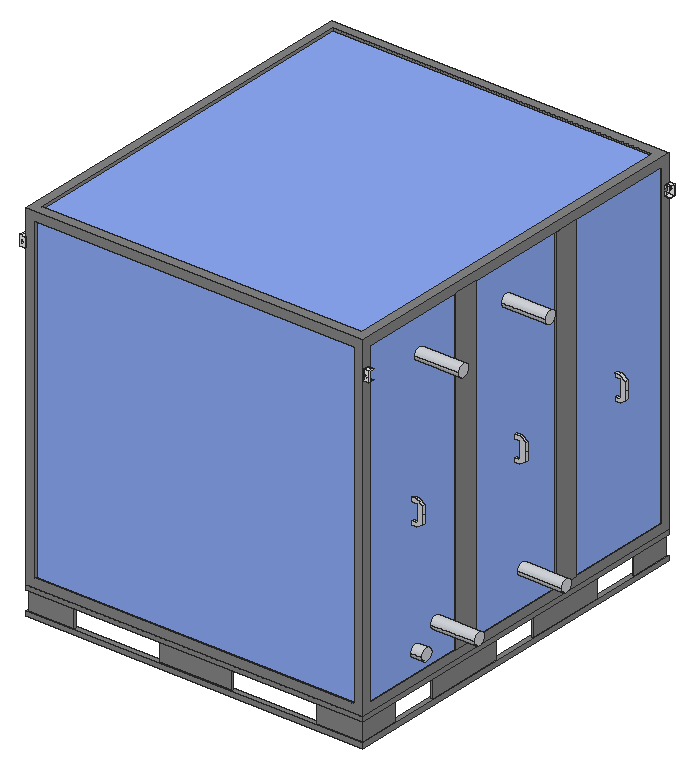
Revit family "29. Секция фильтрования, водяного нагр. и водяным охл. ANR T3", category Оборудование, Revit 2016
Family settings
  Тип детали = Нормальный
  Размер круглого соединителя = Использовать диаметр
  На основе рабочей плоскости = Нет
  Всегда вертикально = Да
  При загрузке вырезать с полостями = Нет
  Общий = Нет
  Точка расчета площади = Нет
Parameters (values of type "ANR 12 T3")
  Ширина = А - 75 mm  # 1360 mm
  Синий = Синий
  Середина = h + Б1 / 2  # 837.5 mm
  И = 115 mm
  Во = 1060 mm
  Д3 = Д1 / 6  # 267.5 mm
  Д2 = Д1 / 3  # 535 mm
  Д1 = Д - 20 mm  # 1605 mm
  Д = 1625 mm  # constant formula
  ножки(да/нет) [instance] = no
  Г = 85 mm
  Высота = Б - 75 mm  # 1360 mm
  Вн = 1060 mm
  Б1 = Б - 20 mm  # 1415 mm
  А1 = А - 20 mm  # 1415 mm
  А = 1435 mm
  высота ножек = 120 mm
  Б = 1435 mm
  Частотный преобразователь [instance] = no
  Частота вращения n, об/мин = ""
  Тип, марка, обозначение = "ANR 12 T3"
  Сила тока J, А = ""
  Регулятор расхода [instance] = no
  Раздел = "ОВ"
  Примечание = ""
  Позиция = ""
  Напряжение U,В = ""
  Наименование и тех.хар-ка = "Секция фильтрования EU4, водяного нагрева вместе с водяным охлаждением"  # constant formula
  Мощность двигателя N,Вт = ""
  Материал = Сталь серая
  Масса единицы = ""
  Код, оборудования = ""
  Ключевая пометка = "Вентиляция"
  Задание электрикам [instance] = no
  Задание автоматчикам [instance] = no
  Завод изготовитель = "KORF"  # constant formula
  Единица измерения = "шт."  # constant formula
  h = высота ножек + 10 mm  # 130 mm
  d = 50.8 mm
Types (10, lengths in mm): name | Ширина | Середина | И | Во | Г | Высота | Вн | Б1 | А1 | А | Б | Тип, марка, обозначение | d
  ANR 6 T3 | 1025 | 670 | 135 | 728 | 85 | 1025 | 735 | 1080 | 1080 | 1100 | 1100 | "ANR 6 T3" | 31.8
  ANR 7 T3 | 1025 | 780 | 115 | 985 | 85 | 1245 | 985 | 1300 | 1080 | 1100 | 1320 | "ANR 7 T3" | 38.1
  ANR 8 T3 | 1245 | 780 | 115 | 985 | 85 | 1245 | 985 | 1300 | 1300 | 1320 | 1320 | "ANR 8 T3" | 38.1
  ANR 12 T3 | 1360 | 837.5 | 115 | 1060 | 85 | 1360 | 1060 | 1415 | 1415 | 1435 | 1435 | "ANR 12 T3" | 50.8
  ANR 20 T3 | 1585 | 950 | 115 | 1305 | 85 | 1585 | 1355 | 1640 | 1640 | 1660 | 1660 | "ANR 20 T3" | 50.8
  ANR 25 T3 | 1970 | 1142.5 | 115 | 1690 | 85 | 1970 | 1740 | 2025 | 2025 | 2045 | 2045 | "ANR 25 T3" | 63.5
  ANR 30 T3 | 2410 | 1142.5 | 115 | 1685 | 100 | 1970 | 1685 | 2025 | 2465 | 2485 | 2045 | "ANR 30 T3" | 63.5
  ANR 35 T3 | 2410 | 1362.5 | 115 | 2125 | 125 | 2410 | 2125 | 2465 | 2465 | 2485 | 2485 | "ANR 35 T3" | 76.2
  ANR 40 T3 | 3245 | 1780 | 115 | 1305 | 100 | 3245 | 1355 | 3300 | 3300 | 3320 | 3320 | "ANR 40 T3" | 101.6
  ANR 45 T3 | 3245 | 2165 | 115 | 1690 | 125 | 4015 | 1740 | 4070 | 3300 | 3320 | 4090 | "ANR 45 T3" | 101.6
Reference planes
  plane 1 "По центру (Вперед/Назад)": y = 0
  plane 2: z = 0
  plane 3 "По центру (Влево/Вправо)": x = 0
  plane 4: x = -707.5
  plane 5: x = 707.5
  plane 6: y = 802.5
  plane 7: y = -802.5
  plane 8: z = 1545
  plane 9: z = 130
  plane 10: z = 837.5
  plane 11: z = 1445
  plane 12: x = 574.5
  plane 13: x = 757.5
  plane 14: z = 1555
  plane 15: z = 1367.5
  plane 16: z = 307.5
  plane 17: x = 897.5
  plane 18: y = -505
  plane 19: y = -420
  plane 20: y = -267.5
  plane 21: y = 267.5
  plane 22: y = -215.5
  plane 23: y = -319.474
  plane 24: y = 215.5
  plane 25: y = 319.5
  plane 26: y = 535
  plane 27: y = -535
  plane 28: x = 717.5
  plane 29: y = 635
  plane 30: y = 435
  plane 31: y = -100
  plane 32: y = 100
  plane 33: y = -635
  plane 34: y = -435
  plane 35: z = 1367.5
  plane 36: z = 307.5
  plane 37: y = -42.5
  plane 38: y = 42.5
  plane 39: y = -462.5
  plane 40: z = 120
  plane 41: z = 245
  plane 42: y = -525
Forms (mm)
  Extrusion 1, solid, material "Синий" <- "Синий", detail levels fine
    sketch origin (0, 0, 50) x (1, 0, 0) y (0, 1, 0)
      loop
        line (-707.5, 802.5) -> (-707.5, -802.5) -> (707.5, -802.5) -> (707.5, 802.5) -> (-707.5, 802.5)
    from 80 to 1495
  Sweep 2, solid, material "Сталь серая" <- "Материал", detail levels fine
    path origin (707.5, -802.5, 50) x (-1, 0, 0) y (0, 0, -1)
      loop
        line (0, -1495) -> (1415, -1495) -> (1415, -80) -> (0, -80) -> (0, -1495)
    profile "Профиль уголок 10х10 : Профиль уголок 10х10" origin (0, -802.5, 1545) x (0, 0, -1) y (0, -1, 0)
      loop
        line (0, -27.5) -> (0, 0) -> (27.5, 0) -> (27.5, 10) -> (-10, 10) -> (-10, -27.5) -> (0, -27.5)
  Sweep 3, solid, material "Сталь серая" <- "Материал", detail levels fine
    path origin (-707.5, 802.5, 50) x (1, 0, 0) y (0, 0, -1)
      loop
        line (0, -1495) -> (1415, -1495) -> (1415, -80) -> (0, -80) -> (0, -1495)
    profile "Профиль уголок 10х10 : Профиль уголок 10х10" origin (0, 802.5, 1545) x (0, 0, -1) y (0, 1, 0)
      loop
        line (0, -27.5) -> (0, 0) -> (27.5, 0) -> (27.5, 10) -> (-10, 10) -> (-10, -27.5) -> (0, -27.5)
  Sweep 4, solid, material "Сталь серая" <- "Материал", detail levels fine
    path origin (707.5, 802.5, 50) x (0, -1, 0) y (0, 0, -1)
      loop
        line (0, -1495) -> (1605, -1495) -> (1605, -80) -> (0, -80) -> (0, -1495)
    profile "Профиль уголок 10х10 : Профиль уголок 10х10" origin (707.5, 0, 1545) x (0, 0, -1) y (1, 0, 0)
      loop
        line (0, -27.5) -> (0, 0) -> (27.5, 0) -> (27.5, 10) -> (-10, 10) -> (-10, -27.5) -> (0, -27.5)
  Sweep 5, solid, material "Сталь серая" <- "Материал", detail levels fine
    path origin (-707.5, -802.5, 50) x (0, 1, 0) y (0, 0, -1)
      loop
        line (0, -1495) -> (1605, -1495) -> (1605, -80) -> (0, -80) -> (0, -1495)
    profile "Профиль уголок 10х10 : Профиль уголок 10х10" origin (-707.5, 0, 1545) x (0, 0, -1) y (-1, 0, 0)
      loop
        line (0, -27.5) -> (0, 0) -> (27.5, 0) -> (27.5, 10) -> (-10, 10) -> (-10, -27.5) -> (0, -27.5)
  Extrusion 6, void, not visible
    sketch origin (-345, -245, 50) x (0, -1, 0) y (0, 0, -1)
      loop
        line (-477.965, -475) -> (-477.965, -450) -> (-528.913, -450) -> (-528.913, -475) -> (-477.965, -475)
    from -47.452 to 12
  Sweep 7, solid, material "Сталь серая" <- "Материал", detail levels fine
    path origin (0, 0, 0) x (1, 0, 0) y (0, 1, 0)
      loop
        line (-707.5, 802.5) -> (-707.5, -802.5) -> (707.5, -802.5) -> (707.5, 802.5) -> (-707.5, 802.5)
    profile "Семейство1 : Семейство1" origin (0, 802.5, 0) x (0, 1, 0) y (0, 0, 1)
      loop
        line (-10, 120) -> (-10, 100) -> (-3.38, 100) -> (-3.38, 20) -> (-10, 20) -> (-10, 0) -> (10, 0) -> (10, 20) -> (3.38, 20) -> (3.38, 100) -> (10, 100) -> (10, 120) -> (-10, 120)
  Extrusion 8, void
    sketch origin (0, 0, 0) x (1, 0, 0) y (0, 0, 1)
      loop
        line (152.369, 100) -> (152.369, 20) -> (516.298, 20) -> (516.298, 100) -> (152.369, 100)
      loop
        line (-152.369, 100) -> (-516.298, 100) -> (-516.298, 20) -> (-152.369, 20) -> (-152.369, 100)
    from -812.5 to 812.5
  Extrusion 9, solid, material "Сталь серая" <- "Материал", detail levels fine
    sketch origin (560, -260, 0) x (0, 1, 0) y (0, 0, 1)
      loop
        line (-59.474, 1517.5) -> (-59.474, 157.5) -> (44.5, 157.5) -> (44.5, 1517.5) -> (-59.474, 1517.5)
    from 157.5 to 147.5
  Extrusion 10, solid, detail levels fine
    sketch origin (0, 0, 0) x (0, 1, 0) y (0, 0, 1)
      loop
        circle (-505, 1367.5) r 25.4
    from 707.5 to 897.5
  Extrusion 11, solid, detail levels fine
    sketch origin (0, 0, 0) x (0, 1, 0) y (0, 0, 1)
      loop
        circle (-420, 307.5) r 25.4
    from 707.5 to 897.5
  Extrusion 12, solid, material "Сталь серая" <- "Материал", detail levels fine
    sketch origin (560, 262.3, -4.8) x (0, 1, 0) y (0, 0, 1)
      loop
        line (-46.8, 1522.3) -> (-46.8, 162.3) -> (57.2, 162.3) -> (57.2, 1522.3) -> (-46.8, 1522.3)
    from 157.5 to 147.5
  Extrusion 13, void
    sketch origin (0, 0, 0) x (0, 1, 0) y (0, 0, 1)
      loop
        line (-635, 100) -> (-635, 20) -> (-435, 20) -> (-435, 100) -> (-635, 100)
      loop
        line (-100, 100) -> (-100, 20) -> (100, 20) -> (100, 100) -> (-100, 100)
      loop
        line (435, 100) -> (435, 20) -> (635, 20) -> (635, 100) -> (435, 100)
    from -1931.613 to 1786.181
  Extrusion 14, solid, detail levels fine
    sketch origin (0, 0, 0) x (0, 1, 0) y (0, 0, 1)
      loop
        circle (-42.5, 1367.5) r 25.4
    from 897.5 to 707.5
  Extrusion 15, solid, detail levels fine
    sketch origin (0, 0, 0) x (0, 1, 0) y (0, 0, 1)
      loop
        circle (42.5, 307.5) r 25.4
    from 707.5 to 897.5
  Extrusion 16, solid, detail levels fine
    sketch origin (0, 0, 0) x (0, 1, 0) y (0, 0, 1)
      loop
        circle (-525, 245) r 25.4
    from 707.5 to 757.5
  Extrusion 17, solid, detail levels coarse
    sketch origin (0, 0, 0) x (1, 0, 0) y (0, 1, 0)
      loop
        line (483.338, -268.703) -> (539.581, -268.703) -> (562.993, -266.243) -> (579.316, -258.631) -> (589.943, -244.529) -> (594.177, -224.612) -> (592.69, -212.508) -> (587.9, -201.748) -> (580.104, -193.388) -> (569.634, -187.821) -> (584.728, -174.7) -> (589.573, -157.804) -> (583.726, -138.678) -> (576.808, -130.996) -> (567.204, -125.225) -> (540.324, -120.967) -> (483.338, -120.967) -> (483.338, -268.703)
      loop
        line (501.891, -250.25) -> (552.16, -250.25) -> (565.217, -245.238) -> (573.213, -237.242) -> (575.828, -224.938) -> (572.199, -210.384) -> (560.841, -201.825) -> (538.193, -199.445) -> (501.891, -199.445) -> (501.891, -250.25)
      loop
        line (501.891, -180.959) -> (535.988, -180.959) -> (555.271, -179.399) -> (567.051, -172.598) -> (571.248, -160.408) -> (567.409, -148.593) -> (556.738, -141.395) -> (534.066, -139.412) -> (501.891, -139.412) -> (501.891, -180.959)
    from 0 to 2
  Extrusion 18, solid, detail levels coarse
    sketch origin (0, -460, 0) x (1, 0, 0) y (0, 1, 0)
      loop
        line (483.338, -268.703) -> (539.581, -268.703) -> (562.993, -266.243) -> (579.316, -258.631) -> (589.943, -244.529) -> (594.177, -224.612) -> (592.69, -212.508) -> (587.9, -201.748) -> (580.104, -193.388) -> (569.634, -187.821) -> (584.728, -174.7) -> (589.573, -157.804) -> (583.726, -138.678) -> (576.808, -130.996) -> (567.204, -125.225) -> (540.324, -120.967) -> (483.338, -120.967) -> (483.338, -268.703)
      loop
        line (501.891, -250.25) -> (552.16, -250.25) -> (565.217, -245.238) -> (573.213, -237.242) -> (575.828, -224.938) -> (572.199, -210.384) -> (560.841, -201.825) -> (538.193, -199.445) -> (501.891, -199.445) -> (501.891, -250.25)
      loop
        line (501.891, -180.959) -> (535.988, -180.959) -> (555.271, -179.399) -> (567.051, -172.598) -> (571.248, -160.408) -> (567.409, -148.593) -> (556.738, -141.395) -> (534.066, -139.412) -> (501.891, -139.412) -> (501.891, -180.959)
    from 0 to 2
Cuts and joins
  joined: Sweep 2, Sweep 3, Sweep 4, Sweep 5
  Extrusion 8, Extrusion 13 cuts Sweep 7
Lines and regions (mm)
  model lines, detail levels coarse
    curve 1: line (-717.5, 812.5, 0) -> (717.5, 812.5, 0)
    curve 2: line (-717.5, -812.5, 0) -> (-717.5, 812.5, 0)
    curve 3: line (717.5, -812.5, 0) -> (-717.5, -812.5, 0)
    curve 4: line (717.5, 812.5, 0) -> (717.5, -812.5, 0)
    curve 5: line (717.5, -319.474, 0) -> (-717.5, -319.474, 0)
    curve 6: line (717.5, 215.5, 0) -> (-717.5, 215.5, 0)
    curve 7: circle (0, -535, 0) r 110 normal (0, 0, 1)
    curve 8: line (-110, -535, 0) -> (110, -535, 0)
    curve 9: circle (0, -42.5, 0) r 130 normal (0, 0, 1)
    curve 10: line (0, 87.5, 0) -> (0, -172.5, 0)
    curve 11: line (-130, -42.5, 0) -> (130, -42.5, 0)
    curve 12: line (-472.198, 579.141, 0) -> (-452.198, 579.141, 0)
    curve 13: line (-452.198, 579.141, 0) -> (-399.14, 381.126, 0)
    curve 14: line (-399.14, 381.126, 0) -> (-339.14, 381.126, 0)
    curve 15: line (-286.082, 579.141, 0) -> (-339.14, 381.126, 0)
    curve 16: line (-286.082, 579.141, 0) -> (-266.082, 579.141, 0)
    curve 17: line (-266.082, 579.141, 0) -> (-213.024, 381.126, 0)
    curve 18: line (-213.024, 381.126, 0) -> (-153.024, 381.126, 0)
    curve 19: line (-99.967, 579.141, 0) -> (-153.024, 381.126, 0)
    curve 20: line (-99.967, 579.141, 0) -> (-79.967, 579.141, 0)
    curve 21: line (-79.967, 579.141, 0) -> (-26.909, 381.126, 0)
    curve 22: line (-26.909, 381.126, 0) -> (33.091, 381.126, 0)
    curve 23: line (86.149, 579.141, 0) -> (33.091, 381.126, 0)
    curve 24: line (86.149, 579.141, 0) -> (106.149, 579.141, 0)
    curve 25: line (106.149, 579.141, 0) -> (159.207, 381.126, 0)
    curve 26: line (159.207, 381.126, 0) -> (219.207, 381.126, 0)
    curve 27: line (272.265, 579.141, 0) -> (219.207, 381.126, 0)
    curve 28: line (272.265, 579.141, 0) -> (292.265, 579.141, 0)
    curve 29: line (292.265, 579.141, 0) -> (345.323, 381.126, 0)
    curve 30: line (345.323, 381.126, 0) -> (405.323, 381.126, 0)
    curve 31: line (458.381, 579.141, 0) -> (405.323, 381.126, 0)
  model lines, not visible, detail levels coarse
    curve 32: line (-472.198, 579.141, 0) -> (-452.198, 579.141, 0)
    curve 33: line (-452.198, 579.141, 0) -> (-399.14, 381.126, 0)
    curve 34: line (-399.14, 381.126, 0) -> (-339.14, 381.126, 0)
    curve 35: line (-286.082, 579.141, 0) -> (-339.14, 381.126, 0)
    curve 36: line (-286.082, 579.141, 0) -> (-266.082, 579.141, 0)
    curve 37: line (-266.082, 579.141, 0) -> (-213.024, 381.126, 0)
    curve 38: line (-213.024, 381.126, 0) -> (-153.024, 381.126, 0)
    curve 39: line (-99.967, 579.141, 0) -> (-153.024, 381.126, 0)
    curve 40: line (-99.967, 579.141, 0) -> (-79.967, 579.141, 0)
    curve 41: line (-79.967, 579.141, 0) -> (-26.909, 381.126, 0)
    curve 42: line (-26.909, 381.126, 0) -> (33.091, 381.126, 0)
    curve 43: line (86.149, 579.141, 0) -> (33.091, 381.126, 0)
    curve 44: line (86.149, 579.141, 0) -> (106.149, 579.141, 0)
    curve 45: line (106.149, 579.141, 0) -> (159.207, 381.126, 0)
    curve 46: line (159.207, 381.126, 0) -> (219.207, 381.126, 0)
    curve 47: line (272.265, 579.141, 0) -> (219.207, 381.126, 0)
    curve 48: line (272.265, 579.141, 0) -> (292.265, 579.141, 0)
    curve 49: line (292.265, 579.141, 0) -> (345.323, 381.126, 0)
    curve 50: line (345.323, 381.126, 0) -> (405.323, 381.126, 0)
    curve 51: line (458.381, 579.141, 0) -> (405.323, 381.126, 0)
  model lines, detail levels medium
    curve 52: line (0, -812.5, 1555) -> (0, 812.5, 1555)
    curve 53: line (0, -812.5, 0) -> (0, -812.5, 1555)
    curve 54: line (0, 812.5, 0) -> (0, -812.5, 0)
    curve 55: line (0, 812.5, 1555) -> (0, 812.5, 0)
    curve 56: line (0, -267.5, 1555) -> (0, -267.5, 0)
    curve 57: line (0, 267.5, 1555) -> (0, 267.5, 0)
    curve 58: circle (0, -462.5, 837.5) r 110 normal (1, 0, 0)
    curve 59: circle (0, 0, 837.5) r 150 normal (1, 0, 0)
    curve 60: line (0, 0, 987.5) -> (0, 0, 687.5)
    curve 61: line (0, -150, 837.5) -> (0, 150, 837.5)
    curve 62: line (0, -572.5, 837.5) -> (0, -352.5, 837.5)
    curve 63: line (0, 634.994, 1269.522) -> (0, 634.994, 1249.522)
    curve 64: line (0, 634.994, 1249.522) -> (0, 437.085, 1165.514)
    curve 65: line (0, 437.085, 1165.514) -> (0, 437.085, 1095.514)
    curve 66: line (0, 634.994, 1011.507) -> (0, 437.085, 1095.514)
    curve 67: line (0, 634.994, 1011.507) -> (0, 634.994, 991.507)
    curve 68: line (0, 634.994, 991.507) -> (0, 437.085, 907.5)
    curve 69: line (0, 437.085, 907.5) -> (0, 437.085, 837.5)
    curve 70: line (0, 634.994, 753.493) -> (0, 437.085, 837.5)
    curve 71: line (0, 634.994, 753.493) -> (0, 634.994, 733.493)
    curve 72: line (0, 634.994, 733.493) -> (0, 437.085, 649.486)
    curve 73: line (0, 437.085, 649.486) -> (0, 437.085, 579.486)
    curve 74: line (0, 634.994, 495.478) -> (0, 437.085, 579.486)
    curve 75: line (0, 634.994, 495.478) -> (0, 634.994, 475.478)
    curve 76: line (0, 634.994, 475.478) -> (0, 437.085, 391.471)
    curve 77: line (0, 437.085, 391.471) -> (0, 437.085, 321.471)
    curve 78: line (0, 634.994, 237.464) -> (0, 437.085, 321.471)
  model lines, not visible, detail levels medium
    curve 79: line (0, 703.789, 1143.232) -> (0, 703.789, 1123.232)
    curve 80: line (0, 703.789, 1123.232) -> (0, 505.88, 1039.225)
    curve 81: line (0, 505.88, 1039.225) -> (0, 505.88, 969.225)
    curve 82: line (0, 703.789, 885.217) -> (0, 505.88, 969.225)
    curve 83: line (0, 703.789, 885.217) -> (0, 703.789, 865.217)
    curve 84: line (0, 703.789, 865.217) -> (0, 505.88, 781.21)
    curve 85: line (0, 505.88, 781.21) -> (0, 505.88, 711.21)
    curve 86: line (0, 703.789, 627.203) -> (0, 505.88, 711.21)
    curve 87: line (0, 703.789, 627.203) -> (0, 703.789, 607.203)
    curve 88: line (0, 703.789, 607.203) -> (0, 505.88, 523.196)
    curve 89: line (0, 505.88, 523.196) -> (0, 505.88, 453.196)
    curve 90: line (0, 703.789, 369.189) -> (0, 505.88, 453.196)
    curve 91: line (0, 703.789, 369.189) -> (0, 703.789, 349.189)
    curve 92: line (0, 703.789, 349.189) -> (0, 505.88, 265.182)
    curve 93: line (0, 505.88, 265.182) -> (0, 505.88, 195.182)
    curve 94: line (0, 703.789, 111.174) -> (0, 505.88, 195.182)
Dimensions and locks
  equal spacing: plane 6, plane 1 "По центру (Вперед/Назад)", plane 7
  "Д1": plane 6 to plane 7
  equal spacing: plane 4, plane 3 "По центру (Влево/Вправо)", plane 5
  "А1": plane 4 to plane 5
  "h": plane 9 to level
  "Б1": plane 8 to plane 9
  cut or joined group of Sweep 2, Sweep 3, Sweep 4, Sweep 5 to level = 120 mm
  locked: plane 3 "По центру (Влево/Вправо)" to cut or joined group of Sweep 7, Extrusion 8, Extrusion 13 at 152.369
  locked: cut or joined group of Sweep 7, Extrusion 8, Extrusion 13 to plane 3 "По центру (Влево/Вправо)" at 152.369
  "Середина": plane 10 to level
  Extrusion 9 sketch curve to Extrusion 9 sketch curve to plane 1 "По центру (Вперед/Назад)" = 103.974 mm, 215.5 mm
  locked: plane 8 to plane 11 at 100
  Extrusion 9 to plane 12 = 133 mm
  locked: plane 13 to plane 5 at 50
  plane 1 "По центру (Вперед/Назад)" to plane 7 = 802.5 mm
  plane 6 to plane 1 "По центру (Вперед/Назад)" = 802.5 mm
  locked: plane 14 to plane 8 at 10
  equal spacing: plane 15, plane 10, plane 16
  "Во": plane 15 to plane 16
  locked: plane 17 to plane 5 at 190
  "Д2": plane 7 to plane 20
  "Д2": plane 21 to plane 6
  plane 23 to plane 20 to plane 22 = 51.974 mm locked, 52 mm locked
  Extrusion 12 sketch curve to Extrusion 12 sketch curve = 104 mm
  plane 24 to plane 21 to plane 25 = 52 mm locked, 52 mm locked
  "Д3": plane 26 to plane 6
  "Д3": plane 7 to plane 27
  locked: plane 28 to plane 5 at 10
  equal spacing: plane 31, plane 1 "По центру (Вперед/Назад)", plane 32
  locked: plane 30 to plane 29 at 200
  locked: plane 31 to plane 32 at 200
  equal spacing: plane 30, plane 26, plane 29
  equal spacing: plane 33, plane 27, plane 34
  locked: plane 33 to plane 34 at 200
  equal spacing: plane 37, plane 1 "По центру (Вперед/Назад)", plane 38
  "Г": plane 37 to plane 38
  equal spacing: plane 35, plane 10, plane 36
  "Вн": plane 35 to plane 36
  locked: plane 27 to plane 18 at 30
  equal spacing: plane 18, plane 39, plane 19
  "Г": plane 18 to plane 19
  locked: plane 9 to plane 40 at 10
  "И": plane 41 to plane 9
  locked: plane 27 to plane 42 at 10
  "d": diameter of Extrusion 10 sketch curve
  "d": diameter of Extrusion 11 sketch curve
  "d": diameter of Extrusion 14 sketch curve
  "d": diameter of Extrusion 15 sketch curve
  "d": diameter of Extrusion 16 sketch curve
  aligned and locked: level to plane 2
  aligned and locked: Extrusion 1 to plane 6
  aligned and locked: Extrusion 1 to plane 5
  aligned and locked: Extrusion 1 to plane 7
  aligned and locked: Extrusion 1 to plane 4
  aligned and locked: plane 8 to Extrusion 1
  aligned and locked: Extrusion 1 to plane 9
  aligned and locked: Sweep 4 sketch curve to Extrusion 1  (x2)
  aligned and locked: Sweep 5 sketch curve to Extrusion 1  (x2)
  aligned and locked: Sweep 7 sketch curve to Extrusion 1  (x4)
  aligned and locked: Sweep 7 to Extrusion 8  (x2)
  aligned and locked: Extrusion 9 to cut or joined group of Sweep 2, Sweep 3, Sweep 4, Sweep 5  (x4)
  aligned and locked: nested 3 to cut or joined group of Sweep 2, Sweep 3, Sweep 4, Sweep 5  (x2)
  aligned and locked: nested 3 to plane 11
  aligned and locked: nested 4 to plane 11
  aligned and locked: cut or joined group of Sweep 2, Sweep 3, Sweep 4, Sweep 5 to nested 4  (x2)
  aligned and locked: cut or joined group of Sweep 2, Sweep 3, Sweep 4, Sweep 5 to nested 3
  aligned and locked: cut or joined group of Sweep 2, Sweep 3, Sweep 4, Sweep 5 to nested 6
  aligned and locked: nested 5 to cut or joined group of Sweep 2, Sweep 3, Sweep 4, Sweep 5
  aligned and locked: plane 11 to nested 6
  aligned and locked: plane 11 to nested 5
  aligned and locked: Extrusion 9 to Extrusion 1
  aligned and locked: nested 2 to plane 13
  aligned and locked: nested 6 to cut or joined group of Sweep 2, Sweep 3, Sweep 4, Sweep 5
  aligned and locked: cut or joined group of Sweep 2, Sweep 3, Sweep 4, Sweep 5 to nested 5
  aligned and locked: nested 2 to plane 10  (x2)
  aligned and locked: nested 7 to plane 10  (x2)
  aligned and locked: nested 7 to plane 13  (x2)
  aligned and locked: plane 17 to Extrusion 10
  aligned and locked: Extrusion 10 to plane 5
  aligned and locked: plane 17 to Extrusion 11
  aligned and locked: Extrusion 11 to plane 5
  aligned and locked: Extrusion 9 to plane 23
  aligned and locked: Extrusion 9 to plane 22
  aligned and locked: Extrusion 12 to plane 24
  aligned and locked: Extrusion 12 to plane 25
  aligned and locked: Extrusion 12 to cut or joined group of Sweep 2, Sweep 3, Sweep 4, Sweep 5  (x2)
  aligned and locked: nested 7 to plane 26
  aligned and locked: nested 2 to plane 27
  aligned and locked: plane 1 "По центру (Вперед/Назад)" to nested 8
  aligned and locked: nested 8 to plane 10
  aligned and locked: nested 8 to plane 13
  aligned and locked: plane 13 to nested 7
  aligned and locked: Extrusion 12 to Extrusion 9
  aligned and locked: Extrusion 12 to plane 5
  aligned and locked: Extrusion 9 to plane 28
  aligned and locked: Extrusion 13 to plane 33
  aligned and locked: plane 34 to Extrusion 13
  aligned and locked: Extrusion 13 to plane 31
  aligned and locked: plane 32 to Extrusion 13
  aligned and locked: Extrusion 13 to plane 30
  aligned and locked: plane 29 to Extrusion 13
  aligned and locked: Extrusion 13 to cut or joined group of Sweep 7, Extrusion 8, Extrusion 13  (x6)
  aligned and locked: plane 17 to Extrusion 15
  aligned and locked: Extrusion 16 to plane 13
  aligned and locked: Extrusion 16 to plane 5
  aligned and locked: plane 17 to Extrusion 14
  aligned and locked: Extrusion 15 to plane 5
  aligned and locked: Extrusion 14 to plane 5
  aligned and locked: curve 1 to cut or joined group of Sweep 7, Extrusion 8, Extrusion 13
  aligned and locked: curve 2 to cut or joined group of Sweep 7, Extrusion 8, Extrusion 13
  aligned and locked: curve 3 to cut or joined group of Sweep 2, Sweep 3, Sweep 4, Sweep 5
  aligned and locked: curve 4 to cut or joined group of Sweep 2, Sweep 3, Sweep 4, Sweep 5
  aligned and locked: curve 5 to Extrusion 9
  aligned and locked: curve 6 to Extrusion 12
  aligned and locked: curve 8 to plane 27
  aligned and locked: curve 10 to plane 3 "По центру (Влево/Вправо)"
  aligned and locked: curve 52 to cut or joined group of Sweep 2, Sweep 3, Sweep 4, Sweep 5
  aligned and locked: curve 53 to cut or joined group of Sweep 2, Sweep 3, Sweep 4, Sweep 5
  aligned and locked: curve 54 to cut or joined group of Sweep 7, Extrusion 8, Extrusion 13
  aligned and locked: curve 55 to cut or joined group of Sweep 7, Extrusion 8, Extrusion 13
  aligned and locked: curve 56 to plane 20
  aligned and locked: curve 57 to plane 21
  aligned and locked: plane 1 "По центру (Вперед/Назад)" to curve 60
  aligned and locked: curve 61 to plane 10
  aligned and locked: curve 62 to plane 10
  aligned and locked: plane 10 to curve 70
Automatic sketch dimensions
  Extrusion 6 sketch curve to Extrusion 6 sketch curve = 50.949 mm
  Extrusion 6 sketch curve to Extrusion 6 sketch curve = 25 mm
  curve 58 to plane 10 = 0 mm
  curve 58 to plane 39 = 0 mm
  curve 59 to plane 1 "По центру (Вперед/Назад)" = 0 mm
  curve 59 to plane 10 = 0 mm
  curve 62 to plane 27 = 37.5 mm
  curve 61 to plane 31 = 50 mm
  curve 11 to plane 37 = 0 mm
  curve 9 to plane 3 "По центру (Влево/Вправо)" = 0 mm
  curve 7 to plane 3 "По центру (Влево/Вправо)" = 0 mm
  curve 7 to plane 27 = 0 mm
  curve 9 to plane 37 = 0 mm
  curve 11 to plane 3 "По центру (Влево/Вправо)" = 130 mm
  curve 8 to plane 3 "По центру (Влево/Вправо)" = 110 mm
  Extrusion 1 sketch curve to plane 4 = 0 mm
  Extrusion 1 sketch curve to plane 5 = 0 mm
  Extrusion 1 sketch curve to plane 7 = 0 mm
  Extrusion 1 sketch curve to plane 6 = 0 mm
  Sweep 2 sketch curve to Extrusion 1 = 0 mm  (x4)
  Sweep 3 sketch curve to Extrusion 1 = 0 mm  (x3)
  Extrusion 1 to Sweep 3 sketch curve = 0 mm
  Sweep 4 sketch curve to Extrusion 1 = 0 mm  (x2)
  Sweep 5 sketch curve to Extrusion 1 = 0 mm  (x2)
  plane 40 to Extrusion 8 sketch curve = 20 mm  (x2)
  plane 4 to Extrusion 8 sketch curve = 191.202 mm
  level to Extrusion 8 sketch curve = 20 mm  (x2)
  Extrusion 8 sketch curve to plane 3 "По центру (Влево/Вправо)" = 152.369 mm
  plane 3 "По центру (Влево/Вправо)" to Extrusion 8 sketch curve = 152.369 mm
  Extrusion 8 sketch curve to plane 5 = 191.202 mm
  plane 9 to Extrusion 9 sketch curve = 27.5 mm
  Extrusion 9 sketch curve to plane 8 = 27.5 mm
  Extrusion 12 sketch curve to plane 24 = 0 mm
  plane 9 to Extrusion 12 sketch curve = 27.5 mm
  Extrusion 12 sketch curve to plane 8 = 27.5 mm
  Extrusion 13 sketch curve to plane 33 = 0 mm
  Extrusion 13 sketch curve to plane 34 = 0 mm
  Extrusion 13 sketch curve to plane 31 = 0 mm
  Extrusion 13 sketch curve to plane 32 = 0 mm
  Extrusion 13 sketch curve to plane 30 = 0 mm
  Extrusion 13 sketch curve to plane 29 = 0 mm
  level to Extrusion 13 sketch curve = 20 mm  (x3)
  plane 40 to Extrusion 13 sketch curve = 20 mm  (x3)
  Extrusion 17 sketch curve to plane 20 = 1.203 mm
  Extrusion 17 sketch curve to plane 5 = 224.162 mm
  Extrusion 17 sketch curve to Extrusion 17 sketch curve = 18.553 mm  (x2)
  Extrusion 17 sketch curve to plane 31 = 39.412 mm
  Extrusion 17 sketch curve to Extrusion 17 sketch curve = 32.175 mm
  Extrusion 17 sketch curve to plane 22 = 34.541 mm
  Extrusion 17 sketch curve to Extrusion 17 sketch curve = 34.097 mm
  Extrusion 17 sketch curve to plane 22 = 16.055 mm
  Extrusion 17 sketch curve to Extrusion 17 sketch curve = 2.205 mm
  Extrusion 17 sketch curve to Extrusion 17 sketch curve = 37.69 mm
  Extrusion 17 sketch curve to plane 31 = 20.967 mm
  Extrusion 17 sketch curve to Extrusion 17 sketch curve = 6.257 mm
  plane 20 to Extrusion 17 sketch curve = 17.25 mm
  Extrusion 17 sketch curve to Extrusion 17 sketch curve = 12.579 mm
  Extrusion 17 sketch curve to plane 22 = 36.101 mm
  Extrusion 17 sketch curve to Extrusion 17 sketch curve = 19.283 mm
  Extrusion 17 sketch curve to plane 31 = 41.395 mm
  Extrusion 17 sketch curve to Extrusion 17 sketch curve = 22.672 mm
  Extrusion 17 sketch curve to plane 22 = 13.675 mm
  Extrusion 17 sketch curve to Extrusion 17 sketch curve = 22.648 mm
  plane 20 to Extrusion 17 sketch curve = 1.257 mm
  Extrusion 17 sketch curve to Extrusion 17 sketch curve = 10.834 mm
  plane 20 to Extrusion 17 sketch curve = 22.262 mm
  Extrusion 17 sketch curve to Extrusion 17 sketch curve = 13.057 mm
  Extrusion 17 sketch curve to plane 22 = 42.902 mm
  Extrusion 17 sketch curve to Extrusion 17 sketch curve = 11.78 mm
  Extrusion 17 sketch curve to plane 31 = 25.225 mm
  Extrusion 17 sketch curve to Extrusion 17 sketch curve = 10.465 mm
  Extrusion 17 sketch curve to plane 31 = 48.593 mm
  Extrusion 17 sketch curve to Extrusion 17 sketch curve = 10.671 mm
  Extrusion 17 sketch curve to plane 22 = 27.679 mm
  Extrusion 17 sketch curve to Extrusion 17 sketch curve = 2.583 mm
  Extrusion 17 sketch curve to plane 22 = 55.092 mm
  Extrusion 17 sketch curve to Extrusion 17 sketch curve = 3.839 mm
  Extrusion 17 sketch curve to plane 22 = 5.116 mm
  Extrusion 17 sketch curve to Extrusion 17 sketch curve = 11.358 mm
  plane 22 to Extrusion 17 sketch curve = 21.742 mm
  Extrusion 17 sketch curve to Extrusion 17 sketch curve = 7.996 mm
  plane 22 to Extrusion 17 sketch curve = 9.438 mm
  Extrusion 17 sketch curve to Extrusion 17 sketch curve = 2.615 mm
  Extrusion 17 sketch curve to plane 31 = 30.996 mm
  Extrusion 17 sketch curve to Extrusion 17 sketch curve = 9.605 mm
  plane 20 to Extrusion 17 sketch curve = 8.869 mm
  Extrusion 17 sketch curve to Extrusion 17 sketch curve = 16.322 mm
  Extrusion 17 sketch curve to plane 22 = 22.112 mm
  Extrusion 17 sketch curve to Extrusion 17 sketch curve = 10.47 mm
  Extrusion 17 sketch curve to plane 31 = 38.678 mm
  Extrusion 17 sketch curve to Extrusion 17 sketch curve = 6.917 mm
  Extrusion 17 sketch curve to plane 22 = 40.8 mm
  Extrusion 17 sketch curve to Extrusion 17 sketch curve = 17.677 mm
  Extrusion 17 sketch curve to plane 22 = 13.752 mm
  Extrusion 17 sketch curve to Extrusion 17 sketch curve = 7.796 mm
  Extrusion 17 sketch curve to plane 22 = 57.696 mm
  Extrusion 17 sketch curve to Extrusion 17 sketch curve = 4.845 mm
  plane 20 to Extrusion 17 sketch curve = 22.971 mm
  Extrusion 17 sketch curve to Extrusion 17 sketch curve = 10.627 mm
  Extrusion 17 sketch curve to plane 22 = 2.992 mm
  Extrusion 17 sketch curve to Extrusion 17 sketch curve = 4.791 mm
  plane 22 to Extrusion 17 sketch curve = 9.112 mm
  Extrusion 17 sketch curve to Extrusion 17 sketch curve = 1.486 mm
  plane 7 to Extrusion 18 sketch curve = 73.797 mm
  Extrusion 18 sketch curve to plane 5 = 224.162 mm
  Extrusion 18 sketch curve to Extrusion 18 sketch curve = 18.553 mm  (x2)
  plane 33 to Extrusion 18 sketch curve = 35.588 mm
  Extrusion 18 sketch curve to Extrusion 18 sketch curve = 32.175 mm
  Extrusion 18 sketch curve to plane 33 = 5.959 mm
  Extrusion 18 sketch curve to Extrusion 18 sketch curve = 34.097 mm
  Extrusion 18 sketch curve to plane 33 = 24.445 mm
  Extrusion 18 sketch curve to Extrusion 18 sketch curve = 2.205 mm
  Extrusion 18 sketch curve to Extrusion 18 sketch curve = 37.69 mm
  Extrusion 18 sketch curve to plane 27 = 45.967 mm
  Extrusion 18 sketch curve to Extrusion 18 sketch curve = 6.257 mm
  Extrusion 18 sketch curve to plane 33 = 75.25 mm
  Extrusion 18 sketch curve to Extrusion 18 sketch curve = 12.579 mm
  Extrusion 18 sketch curve to plane 33 = 4.399 mm
  Extrusion 18 sketch curve to Extrusion 18 sketch curve = 19.283 mm
  plane 33 to Extrusion 18 sketch curve = 33.605 mm
  Extrusion 18 sketch curve to Extrusion 18 sketch curve = 22.672 mm
  Extrusion 18 sketch curve to plane 33 = 26.825 mm
  Extrusion 18 sketch curve to Extrusion 18 sketch curve = 22.648 mm
  Extrusion 18 sketch curve to Extrusion 18 sketch curve = 10.834 mm
  Extrusion 18 sketch curve to plane 33 = 70.238 mm
  Extrusion 18 sketch curve to Extrusion 18 sketch curve = 13.057 mm
  plane 33 to Extrusion 18 sketch curve = 2.402 mm
  Extrusion 18 sketch curve to Extrusion 18 sketch curve = 11.78 mm
  plane 33 to Extrusion 18 sketch curve = 49.775 mm
  Extrusion 18 sketch curve to Extrusion 18 sketch curve = 10.465 mm
  plane 33 to Extrusion 18 sketch curve = 26.407 mm
  Extrusion 18 sketch curve to Extrusion 18 sketch curve = 10.671 mm
  Extrusion 18 sketch curve to plane 33 = 12.821 mm
  Extrusion 18 sketch curve to Extrusion 18 sketch curve = 2.583 mm
  plane 33 to Extrusion 18 sketch curve = 14.592 mm
  Extrusion 18 sketch curve to Extrusion 18 sketch curve = 3.839 mm
  Extrusion 18 sketch curve to plane 33 = 35.384 mm
  Extrusion 18 sketch curve to Extrusion 18 sketch curve = 11.358 mm
  Extrusion 18 sketch curve to plane 33 = 62.242 mm
  Extrusion 18 sketch curve to Extrusion 18 sketch curve = 7.996 mm
  Extrusion 18 sketch curve to plane 33 = 49.938 mm
  Extrusion 18 sketch curve to Extrusion 18 sketch curve = 2.615 mm
  plane 33 to Extrusion 18 sketch curve = 44.004 mm
  Extrusion 18 sketch curve to Extrusion 18 sketch curve = 9.605 mm
  Extrusion 18 sketch curve to Extrusion 18 sketch curve = 16.322 mm
  Extrusion 18 sketch curve to plane 33 = 18.388 mm
  Extrusion 18 sketch curve to Extrusion 18 sketch curve = 10.47 mm
  plane 33 to Extrusion 18 sketch curve = 36.322 mm
  Extrusion 18 sketch curve to Extrusion 18 sketch curve = 6.917 mm
  plane 33 to Extrusion 18 sketch curve = 0.3 mm
  Extrusion 18 sketch curve to Extrusion 18 sketch curve = 17.677 mm
  Extrusion 18 sketch curve to plane 33 = 26.748 mm
  Extrusion 18 sketch curve to Extrusion 18 sketch curve = 7.796 mm
  plane 33 to Extrusion 18 sketch curve = 17.196 mm
  Extrusion 18 sketch curve to Extrusion 18 sketch curve = 4.845 mm
  Extrusion 18 sketch curve to Extrusion 18 sketch curve = 10.627 mm
  Extrusion 18 sketch curve to plane 33 = 37.508 mm
  Extrusion 18 sketch curve to Extrusion 18 sketch curve = 4.791 mm
  Extrusion 18 sketch curve to plane 33 = 49.612 mm
  Extrusion 18 sketch curve to Extrusion 18 sketch curve = 1.486 mm
  Extrusion 18 sketch curve to Extrusion 18 sketch curve = 15.993 mm
  Extrusion 18 sketch curve to Extrusion 18 sketch curve = 7.611 mm
  Extrusion 18 sketch curve to Extrusion 18 sketch curve = 14.103 mm
  Extrusion 10 sketch curve to plane 15 = 0 mm
  Extrusion 10 sketch curve to plane 18 = 0 mm
  Extrusion 11 sketch curve to plane 16 = 0 mm
  Extrusion 11 sketch curve to plane 19 = 0 mm
  plane 15 to Extrusion 14 sketch curve = 0 mm
  Extrusion 14 sketch curve to plane 37 = 0 mm
  plane 16 to Extrusion 15 sketch curve = 0 mm
  Extrusion 15 sketch curve to plane 38 = 0 mm
  Extrusion 16 sketch curve to plane 41 = 0 mm
  Extrusion 16 sketch curve to plane 42 = 0 mm
Nested families
  nested 1: "крепление 15мм" at (-330, 229.965, 495), type "крепление 15мм", not visible
  nested 2: "Ручка" at (719.518, -545, 788.608), type "Ручка", detail levels fine
  nested 3: "крепеж" at (742, -812.5, 1400.175) x (-1, 0, 0) z (0, 0, 1), type "крепеж", detail levels fine
  nested 4: "крепеж" at (742, 812.5, 1400.175) x (-1, 0, 0) z (0, 0, 1), type "крепеж", detail levels fine
  nested 5: "крепеж" at (-742, -812.5, 1400.175), type "крепеж", detail levels fine
  nested 6: "крепеж" at (-742, 812.5, 1400.175), type "крепеж", detail levels fine
  nested 7: "Ручка" at (719.518, 535, 788.608), type "Ручка", detail levels fine
  nested 8: "Ручка" at (719.518, 0, 788.608), type "Ручка", detail levels fine
Connectors
  piping at (897.5, -505, 1367.5), diameter 50.8, driven by "d"
    settings: on Extrusion 10, index 1, connector inside diameter 609.6 mm, connector length 0 mm, flow factor 0, pipe flow 0.0 L/s, pressure drop 0.0 Pa, fitting loss kfactor 0, connector angle 0.00°, fixture units 0, engagement length 0 mm, angle of deflection 0.00°, flow configuration 0, flow direction 0, fitting loss method 0, system type 28, joint type 0, gender type 0, connector reference index -1, connector utility 0, adjustable connector no, is connector primary yes, connector description ""
  piping at (897.5, -420, 307.5), diameter 50.8, driven by "d"
    settings: on Extrusion 11, index 2, connector inside diameter 609.6 mm, connector length 0 mm, flow factor 0, pipe flow 0.0 L/s, pressure drop 0.0 Pa, fitting loss kfactor 0, connector angle 0.00°, fixture units 0, engagement length 0 mm, angle of deflection 0.00°, flow configuration 0, flow direction 0, fitting loss method 0, system type 28, joint type 0, gender type 0, connector reference index -1, connector utility 0, adjustable connector no, is connector primary no, connector description ""
  hvac at (0, -812.5, 837.5), driven by "Ширина", driven by "Высота"
    settings: on cut or joined group of Sweep 2, Sweep 3, Sweep 4, Sweep 5, index 3, duct flow 0.0 L/s, flow factor 0, pres drop 0.0 Pa, loss coef 0, conn angle 0.00°, conn width 1360 mm, conn height 1360 mm, conn diameter 609.6 mm, duct sys type 3, conn prof type 1, flow config 0, flow direction 0, loss method 0, conn ref index 4, conn util no, is conn primary yes, conn desc ""
  hvac at (0, 812.5, 837.5), driven by "Ширина", driven by "Высота"
    settings: on cut or joined group of Sweep 2, Sweep 3, Sweep 4, Sweep 5, index 4, duct flow 0.0 L/s, flow factor 0, pres drop 0.0 Pa, loss coef 0, conn angle 0.00°, conn width 1360 mm, conn height 1360 mm, conn diameter 609.6 mm, duct sys type 3, conn prof type 1, flow config 0, flow direction 0, loss method 0, conn ref index 3, conn util no, is conn primary no, conn desc ""
  piping at (897.5, 42.5, 307.5), diameter 50.8, driven by "d"
    settings: on Extrusion 15, index 5, connector inside diameter 609.6 mm, connector length 0 mm, flow factor 0, pipe flow 0.0 L/s, pressure drop 0.0 Pa, fitting loss kfactor 0, connector angle 0.00°, fixture units 0, engagement length 0 mm, angle of deflection 0.00°, flow configuration 0, flow direction 0, fitting loss method 0, system type 28, joint type 0, gender type 0, connector reference index -1, connector utility 0, adjustable connector no, is connector primary no, connector description ""
  piping at (757.5, -525, 245), diameter 50.8, driven by "d"
    settings: on Extrusion 16, index 6, connector inside diameter 609.6 mm, connector length 0 mm, flow factor 0, pipe flow 0.0 L/s, pressure drop 0.0 Pa, fitting loss kfactor 0, connector angle 0.00°, fixture units 0, engagement length 0 mm, angle of deflection 0.00°, flow configuration 0, flow direction 0, fitting loss method 0, system type 28, joint type 0, gender type 0, connector reference index -1, connector utility 0, adjustable connector no, is connector primary no, connector description ""
  piping at (897.5, -42.5, 1367.5), diameter 50.8, driven by "d"
    settings: on Extrusion 14, index 7, connector inside diameter 609.6 mm, connector length 0 mm, flow factor 0, pipe flow 0.0 L/s, pressure drop 0.0 Pa, fitting loss kfactor 0, connector angle 0.00°, fixture units 0, engagement length 0 mm, angle of deflection 0.00°, flow configuration 0, flow direction 0, fitting loss method 0, system type 28, joint type 0, gender type 0, connector reference index -1, connector utility 0, adjustable connector no, is connector primary no, connector description ""
Definition of nested family "крепление 15мм"
  Parameters (values of type "крепление 15мм")
    Материал крепления = none
  Reference planes
    plane 1 "По центру (Вперед/Назад)": y = 0
    plane 2: z = 0
    plane 3 "По центру (Влево/Вправо)": x = 0
  Forms (mm)
    Extrusion 1, solid, material <- "Материал крепления"
      sketch origin (0, 0, 0) x (1, 0, 0) y (0, 1, 0)
        loop
          line (-25, 0) -> (0, 0) -> (0, 18.31) -> (0, 25) -> (-3, 25) -> (-3, 3) -> (-25, 3) -> (-25, 0)
      from 0 to 30
    Extrusion 2, void
      sketch origin (0, 0, 0) x (1, 0, 0) y (0, 1, 0)
        loop
          line (-3, 3) -> (-3, 54.96) -> (-58, 54.96) -> (-58, 3) -> (-3, 3)
      from 0 to 15
  Cuts and joins
    Extrusion 2 cuts Extrusion 1
  Dimensions and locks
    Extrusion 1 sketch curve to Extrusion 1 sketch curve = 3 mm  (x2)
    Extrusion 1 sketch curve to Extrusion 1 sketch curve to plane 3 "По центру (Влево/Вправо)" = 25 mm, 0 mm
    Extrusion 1 sketch curve to Extrusion 1 sketch curve = 25 mm
    aligned and locked: level to plane 2
Definition of nested family "Ручка"
  Parameters (values of type "Ручка")
    материал ручки = none
  Reference planes
    plane 1 "По центру (Вперед/Назад)": y = 0
    plane 2: z = 0
    plane 3 "По центру (Влево/Вправо)": x = 0
    plane 4: x = -37.982
    plane 5: x = 37.982
  Forms (mm)
    Extrusion 1, solid, material <- "материал ручки", not visible
      sketch origin (-3.982, 0, -4.834) x (0, 0, 1) y (-1, 0, 0)
        loop
          line (-52.874, -42.815) -> (53.726, -42.815) -> (53.726, 8.783) -> (36.069, 34) -> (1.069, 34) -> (-36.069, 34) -> (-52.874, 10) -> (-52.874, -42.815)
      from 0 to 10
    Extrusion 2, void, not visible
      sketch origin (-3.982, 0, -4.834) x (0, 0, 1) y (-1, 0, 0)
        loop
          line (-37.219, -42.815) -> (37.781, -42.815) -> (37.781, 20.04) -> (-37.219, 20.04) -> (-37.219, -42.815)
      from 0 to 50
    Extrusion 3, solid, material <- "материал ручки"
      sketch origin (3.982, 0, -4.834) x (0, 0, 1) y (-1, 0, 0)
        loop
          line (-52.874, 42.815) -> (-52.874, -10) -> (-36.069, -34) -> (1.069, -34) -> (36.069, -34) -> (53.726, -8.783) -> (53.726, 42.815) -> (-52.874, 42.815)
      from 0 to 10
    Extrusion 4, void
      sketch origin (3.982, 0, -4.834) x (0, 0, 1) y (-1, 0, 0)
        loop
          line (-37.219, 42.815) -> (-37.219, -11.018) -> (37.781, -11.018) -> (37.781, 42.815) -> (-37.219, 42.815)
      from 0 to 50
  Cuts and joins
    Extrusion 4 cuts Extrusion 3
  Dimensions and locks
    aligned and locked: level to plane 2
Definition of nested family "крепеж"
  Parameters (values of type "крепеж")
    Материал крепежа = none
  Reference planes
    plane 1 "По центру (Вперед/Назад)": y = 0
    plane 2: z = 0
    plane 3 "По центру (Влево/Вправо)": x = 0
    plane 4: x = 24.5
    plane 5: z = 22.413
  Forms (mm)
    Extrusion 1, solid, material <- "Материал крепежа"
      sketch origin (0, 0, 0) x (0, 1, 0) y (0, 0, 1)
        loop
          line (0, 44.825) -> (-16.343, 44.825) -> (-24.468, 44.825) -> (-24.468, 42.95) -> (-1.968, 42.95) -> (-1.968, 1.657) -> (-24.468, 1.657) -> (-24.468, 0) -> (-16.343, 0) -> (0, 0) -> (0, 44.825)
      from 0 to 24.5
    Extrusion 2, void
      sketch origin (0.625, 0, -0.625) x (1, 0, 0) y (0, 0, 1)
        loop
          circle (11.121, 22.873) r 5
      from 0 to 250
    Extrusion 3, solid, material <- "Материал крепежа"
      sketch origin (0, 0, 0.175) x (1, 0, 0) y (0, 0, 1)
        loop
          line (24.5, 44.651) -> (22.651, 44.651) -> (22.651, -0.175) -> (24.5, -0.175) -> (24.5, 44.651)
      from 0 to 24.468
    Extrusion 4, void
      sketch origin (0, 0, 0) x (0, 1, 0) y (0, 0, 1)
        loop
          line (-24.468, 28.943) -> (-24.468, 15.882) -> (-9.468, 15.882) -> (-9.468, 28.943) -> (-24.468, 28.943)
      from 0 to 250
    Blend 5, solid
      base sketch origin (0, 0, 0) x (0, 1, 0) y (0, 0, 1)
        loop
          circle (-15.104, 36.823) r 4.161
      top sketch origin (0, 0, 0) x (0, 1, 0) y (0, 0, 1)
        loop
          circle (-15.104, 36.823) r 2.994
      from 22.651 to 19.241
    Blend 6, solid
      base sketch origin (0, 0, 44.825) x (0, 1, 0) y (0, 0, 1)
        loop
          circle (-15.104, -36.823) r 4.161
      top sketch origin (0, 0, 44.825) x (0, 1, 0) y (0, 0, 1)
        loop
          circle (-15.104, -36.823) r 2.994
      from 22.651 to 19.241
  Cuts and joins
    Extrusion 2, Extrusion 4 cuts Extrusion 1
    Extrusion 4 cuts Extrusion 3
    joined: Extrusion 1, Extrusion 3
  Dimensions and locks
    plane 3 "По центру (Влево/Вправо)" to plane 4 = 24.5 mm
    equal spacing: cut or joined group of Extrusion 1, Extrusion 2, Extrusion 3, Extrusion 4, plane 5, cut or joined group of Extrusion 1, Extrusion 2, Extrusion 3, Extrusion 4
    equal spacing: Extrusion 4 sketch curve, plane 5, Extrusion 4 sketch curve
    aligned and locked: level to plane 2
    aligned and locked: plane 4 to Extrusion 1
    aligned and locked: cut or joined group of Extrusion 1, Extrusion 2, Extrusion 3, Extrusion 4 to cut or joined group of Extrusion 1, Extrusion 2, Extrusion 3, Extrusion 4  (x3)
    aligned and locked: cut or joined group of Extrusion 1, Extrusion 2, Extrusion 3, Extrusion 4 to Blend 5
  Automatic sketch dimensions
    Extrusion 1 sketch curve to level = 0 mm
    Extrusion 1 sketch curve to plane 1 "По центру (Вперед/Назад)" = 0 mm
    plane 1 "По центру (Вперед/Назад)" to Extrusion 1 sketch curve = 1.968 mm
    Extrusion 1 sketch curve to Extrusion 1 sketch curve = 14.375 mm  (x2)
    level to Extrusion 1 sketch curve = 1.657 mm
    Extrusion 1 sketch curve to Extrusion 1 sketch curve = 8.125 mm  (x2)
    plane 5 to Extrusion 1 sketch curve = 20.538 mm
    Extrusion 1 sketch curve to Extrusion 1 sketch curve = 1.875 mm
    Extrusion 2 sketch curve to plane 5 = 0.165 mm
    plane 3 "По центру (Влево/Вправо)" to Extrusion 2 sketch curve = 11.746 mm
    Extrusion 3 sketch curve to level = 0 mm
    Extrusion 3 sketch curve to plane 4 = 0 mm
    Extrusion 3 sketch curve to Extrusion 3 sketch curve = 1.849 mm
    plane 5 to Extrusion 3 sketch curve = 22.413 mm
    Extrusion 4 sketch curve to plane 5 = 6.531 mm
    plane 1 "По центру (Вперед/Назад)" to Extrusion 4 sketch curve = 24.468 mm
    plane 1 "По центру (Вперед/Назад)" to Extrusion 4 sketch curve = 9.468 mm
    plane 1 "По центру (Вперед/Назад)" to Blend 5 sketch curve = 15.104 mm  (x2)
    plane 5 to Blend 5 sketch curve = 14.41 mm  (x2)
    Blend 6 sketch curve to plane 1 "По центру (Вперед/Назад)" = 15.104 mm  (x2)
    Blend 6 sketch curve to level = 8.002 mm  (x2)
    radius of Extrusion 2 sketch curve = 5 mm
    radius of Blend 5 sketch curve = 4.161 mm
    radius of Blend 5 sketch curve = 2.994 mm
    radius of Blend 6 sketch curve = 4.161 mm
    radius of Blend 6 sketch curve = 2.994 mm
